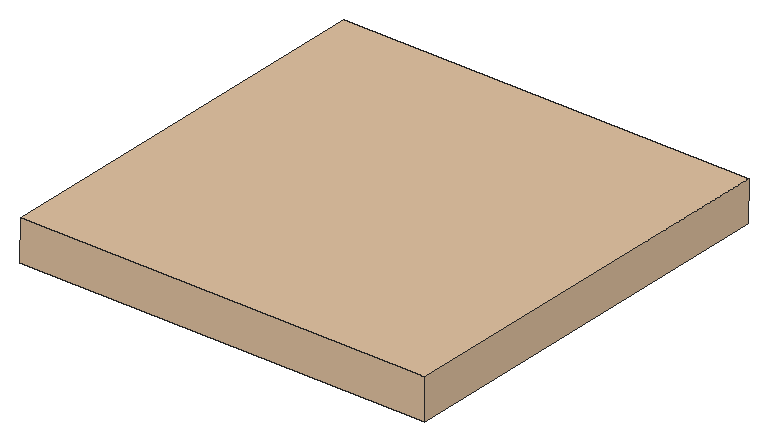
Revit family "FU_Modular_Sandler_Escalas_Table Top 0417MA", category Furniture, Revit 2020
Family settings
  OmniClass Number = 23.40.20.00
  OmniClass Title = General Furniture and Specialties
  Work Plane-Based = No
  Always vertical = Yes
  Cut with Voids When Loaded = No
  Shared = No
  Room Calculation Point = No
Parameters (values of type "Escalas 0417MA")
  Width = 800 mm
  URL = "https://www.sandlerseating.com/product/esc0417ma/"
  Top Finish = Wood - Oak - Natural - V
  Right Offset Undercut = 420 mm
  Model = "Escalas 0417MA"
  Manufacturer = "Sandler"
  Left Offset Undercut = 380 mm
  Height = 300 mm
  Elevation = 220 mm
  Description = "Wooden 80cm left table top. 8cm x 80cm x 80cm (measurement without base)."
  Depth = 800 mm
  Default Elevation = 0 mm
Reference planes
  plane 1 "Center (Front/Back)": y = 0
  plane 2: z = 0
  plane 3 "Center (Left/Right)": x = 0
  plane 4 "Right": x = -400
  plane 5 "Left": x = 400
  plane 6 "Back": y = 400
  plane 7 "Front": y = -400
  plane 8 "Height": z = 300
  plane 9 "Elevation": z = 220
  plane 10 "Inner Front": y = -380
  plane 11 "Inner Back": y = 380
  plane 12 "Inner Right": x = -380
  plane 13 "Inner left": x = 380
  plane 14 "Under Edge": z = 280
  plane 15 "Right Offset": x = -420
  plane 16 "Left Offset": x = 380
Forms (mm)
  Extrusion 1, solid, material "Wood - Oak - Natural - V" <- "Top Finish"
    sketch origin (0, 0, 220) x (-1, 0, 0) y (0, -1, 0)
      loop
        line (400, -400) -> (400, 400) -> (-400, 400) -> (-400, -400) -> (400, -400)
    from 0 to 80
  Extrusion 2, void
    sketch origin (0, 0, 220) x (-1, 0, 0) y (0, -1, 0)
      loop
        line (420, 380) -> (-380, 380) -> (-380, -380) -> (420, -380) -> (420, 380)
    from 0 to 60
Cuts and joins
  Extrusion 2 cuts Extrusion 1
Dimensions and locks
  equal spacing: plane 4 "Right", plane 3 "Center (Left/Right)", plane 5 "Left"
  "Width": plane 4 "Right" to plane 5 "Left"
  equal spacing: plane 6 "Back", plane 1 "Center (Front/Back)", plane 7 "Front"
  "Depth": plane 6 "Back" to plane 7 "Front"
  "Height": plane 8 "Height" to level
  "Elevation": plane 9 "Elevation" to level
  locked: plane 4 "Right" to plane 12 "Inner Right" at 20
  locked: plane 13 "Inner left" to plane 5 "Left" at 20
  locked: plane 8 "Height" to plane 14 "Under Edge" at 20
  locked: plane 7 "Front" to plane 10 "Inner Front" at 20
  locked: plane 11 "Inner Back" to plane 6 "Back" at 20
  "Right Offset Undercut": plane 15 "Right Offset" to plane 3 "Center (Left/Right)"
  "Left Offset Undercut": plane 3 "Center (Left/Right)" to plane 16 "Left Offset"
  aligned and locked: level to plane 2
  aligned and locked: Extrusion 1 sketch curve to plane 6 "Back"
  aligned and locked: Extrusion 1 sketch curve to plane 4 "Right"
  aligned and locked: plane 7 "Front" to Extrusion 1 sketch curve
  aligned and locked: plane 5 "Left" to Extrusion 1 sketch curve
  aligned and locked: Extrusion 1 to plane 9 "Elevation"
  aligned and locked: plane 8 "Height" to Extrusion 1
  aligned and locked: plane 10 "Inner Front" to Extrusion 2 sketch curve
  aligned and locked: Extrusion 2 sketch curve to plane 15 "Right Offset"
  aligned and locked: Extrusion 2 sketch curve to plane 11 "Inner Back"
  aligned and locked: Extrusion 2 sketch curve to plane 16 "Left Offset"
  aligned and locked: Extrusion 2 to plane 9 "Elevation"
  aligned and locked: plane 14 "Under Edge" to Extrusion 2
  aligned and locked: Extrusion 1 to plane 8 "Height"
